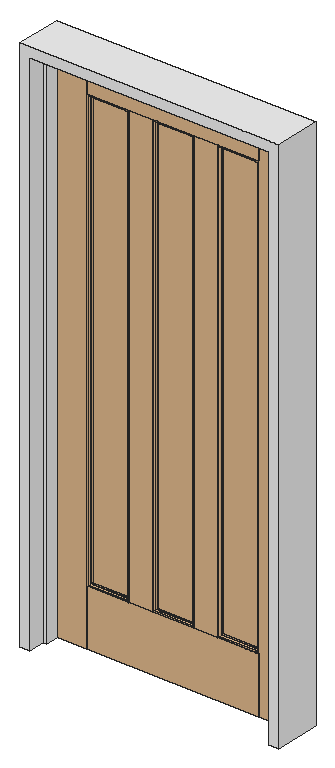
Revit family
Parameters (values of type "1 3/8" Flat Panel")
  URL = "http://www.karonadoor.com"
  Thickness Note = "Do not edit thickness."  # constant formula
  Thickness = 1.334"
  Swing Angle 2D = 90.00°
  SmartBIM Object Version = 1  # constant formula
  SmartBIM Object Created By = "Reed Construction Data"  # constant formula
  Rough Width = 0.000"
  Rough Height = 0.000"
  Panel = Panel_K3030_Karona : 1 3/8" - Flat Panel
  Model = "K3030 Ogee"  # constant formula
  Manufacturer = "Karona , Inc."  # constant formula
  Interior Panel Material = Wood, Cherry - Grain Vertical
  Door Panel Material = Wood, Cherry - Grain Vertical
  Detail Door Thickness = 1.334"
  Assembly Code = ""
  Top Rail Height = 5.000"
  Top Rail = Wood, Cherry - Grain Horizontal
  Stile Width = 5.063"
  Stile = Wood, Cherry - Grain Vertical
  Sticking = Wood, Cherry - Grain Vertical
  Middle Rail = Wood, Cherry - Grain Horizontal
  Height = 80.000"
  Wall Closure = (empty or 0)
  Width = 36.000"
  Frame = Metal
  Bottom Rail Height = 8.500"
  Bottom Rail = Wood, Cherry - Grain Horizontal
  95 CSI = "08210"  # constant formula
  04 CSI = "08 14 33"  # constant formula
Types (9): name | Thickness | Rough Height | Panel | Detail Door Thickness
  1 3/4" Flat Panel | 1.774" | 1.750" | Panel_K3030_Karona : 1 3/4" - Flat Panel | 1.774"
  1 3/8" Flat Panel | 1.334" | 0.000" | Panel_K3030_Karona : 1 3/8" - Flat Panel | 1.334"
  2 1/4" Flat Panel | 2.250" | 0.000" | Panel_K3030_Karona : 2 1/4" - Flat Panel | 2.250"
  1 3/4" Glass Panel | 1.774" | 1.750" | Panel_K3030_Karona : 1 3/4" - Glass Panel | 1.774"
  1 3/8" Glass Panel | 1.334" | 0.000" | Panel_K3030_Karona : 1 3/8" - Glass Panel | 1.334"
  2 1/4" Glass Panel | 2.250" | 0.000" | Panel_K3030_Karona : 2 1/4" - Glass | 2.250"
  1 3/4" Raised Panel | 1.774" | 1.750" | Panel_K3030_Karona : 1 3/4" - Raised Panel | 1.774"
  1 3/8" Raised Panel | 1.334" | 0.000" | Panel_K3030_Karona : 1 3/8" - Raised Panel | 1.334"
  2 1/4" Raised Panel | 2.250" | 0.000" | Panel_K3030_Karona : 2 1/4" - Raised Panel | 2.250"
Reference planes (in)
  plane 1 "Center (Front/Back)": y = 0
  plane 2 "Center (Left/Right)": x = 0
  plane 3 "Left": x = -18
  plane 4 "Right": x = 18
  plane 5 "Top": z = 80
  plane 6 "Exterior Edge of Frame": y = 3.5
  plane 7 "Interior Edge of Frame": y = -3.5
  plane 8: y = 1
  plane 9: y = -1
  plane 10 "Opening Left": x = -19.5
  plane 11 "Opening Right": x = 19.5
  plane 12 "Top of Opening": z = 81.5
  plane 13: x = -17.5
Forms (in)
  Sweep 1, solid, material "Metal" <- "Frame"
    path origin (0, 0, 0) x (1, 0, 0) y (0, 0, 1)
      loop
        line (-19.5, 0) -> (-19.5, 81.5) -> (19.5, 81.5) -> (19.5, 0)
    profile origin (-19.5, 0, 40.75) x (-1, 0, 0) y (0, -1, 0)
      loop
        line (0, -3.5) -> (0, 3.5) -> (-1.5, 3.5) -> (-1.5, 1) -> (-2, 1) -> (-2, -1) -> (-1.5, -1) -> (-1.5, -3.5) -> (0, -3.5)
Lines and regions (in)
  Opening 1
    outline origin (-90, -3, 0) x (1, 0, 0) y (0, 0, 1)
      loop
        line (70.5, 0) -> (109.5, 0) -> (109.5, 81.5) -> (70.5, 81.5) -> (70.5, 0)
  symbolic lines, style "Elevation Swing"
    curve 1: line (18, 3, 0) -> (-18, 3, 40)
    curve 2: line (-18, 3, 40) -> (18, 3, 80)
Text (in)
  text "Exterior" at (-46.13199, 20.20143, 0), in view "Ref. Level"
  text "Interior" at (-46.13199, -10.56751, 0), in view "Ref. Level"
  text "Exterior" at (0, 40.15149, 123.01588), in view "Right"
  text "Interior" at (0, -64.39139, 123.01588), in view "Right"
  text "Interior" at (0, -31.01599, 123.00693), in view "Left"
  text "Exterior" at (0, 54.57065, 123.00693), in view "Left"
Dimensions and locks (in)
  "Height": level to plane 5 "Top"
  "Width": plane 3 "Left" to plane 4 "Right"
  equal spacing: host wall, curve 2, plane 5 "Top"
  locked: host wall to plane 7 "Interior Edge of Frame" at 0.5
  locked: plane 6 "Exterior Edge of Frame" to host wall at 0.5
  locked: plane 9 to plane 7 "Interior Edge of Frame" at 2.5
  locked: plane 6 "Exterior Edge of Frame" to plane 8 at 2.5
  equal spacing: plane 3 "Left", plane 2 "Center (Left/Right)", plane 4 "Right"
  locked: plane 4 "Right" to plane 11 "Opening Right" at 1.5
  locked: plane 5 "Top" to plane 12 "Top of Opening" at 1.5
  locked: plane 3 "Left" to plane 13 at 0.5
  locked: plane 10 "Opening Left" to plane 3 "Left" at 1.5
  aligned and locked: Opening 1 sketch curve to level
  aligned and locked: plane 4 "Right" to curve 1
  aligned and locked: plane 3 "Left" to curve 1
  aligned and locked: plane 5 "Top" to curve 2
  aligned and locked: Opening 1 sketch curve to plane 11 "Opening Right"
  aligned and locked: plane 12 "Top of Opening" to Opening 1 sketch curve
  aligned and locked: Opening 1 sketch curve to plane 10 "Opening Left"
  aligned and locked: plane 10 "Opening Left" to Sweep 1 sketch curve
  aligned and locked: plane 12 "Top of Opening" to Sweep 1 sketch curve
  aligned and locked: plane 11 "Opening Right" to Sweep 1 sketch curve
  aligned and locked: level to Sweep 1 sketch curve  (x2)
  aligned and locked: Sweep 1 sketch curve to plane 10 "Opening Left"
  aligned and locked: Sweep 1 sketch curve to plane 6 "Exterior Edge of Frame"
  aligned and locked: Sweep 1 sketch curve to plane 7 "Interior Edge of Frame"
  aligned and locked: Sweep 1 sketch curve to plane 8
  aligned and locked: Sweep 1 sketch curve to plane 9
  aligned and locked: plane 13 to Sweep 1 sketch curve
  aligned and locked: plane 3 "Left" to Sweep 1 sketch curve  (x2)
  aligned and locked: nested 1 to plane 2 "Center (Left/Right)"
  aligned and locked: nested 1 to plane 8
  aligned and locked: nested 2 to plane 3 "Left"
  aligned and locked: nested 2 to plane 8
Automatic sketch dimensions
  curve 1 to level = 0.000"
  curve 2 to plane 4 "Right" = 0.000"
Nested families (in)
  nested 1: "Panel_K3030_Karona" at (-13.5, 0.5595, 0) x (-1, 0, 0) z (0, 0, 1), type <- "Panel", type "1 3/8" - Flat Panel"
    with Stile Width 5.063", Panel Width 6.208", Half Panel Width 3.104"
  nested 2: "Door Panel Plan View" at (-31.5, 1, 0) x (-1, 0, 0) z (0, 0, 1), type "Door Panel Plan View"
    with Thickness 1.334", Height 80.000"
Definition of nested family "Panel_K3030_Karona"
  Parameters (values of type "1 3/4" - Raised Panel")
    Width = 36.000"
    Top Rail Material = Wood, Cherry - Grain Horizontal
    Top Rail Height = 10.000"
    Thickness Note = "Do not change door thickness"  # constant formula
    Thickness = 1.774"
    Stile Width = 8.000"
    Stile Material = Wood, Cherry - Grain Vertical
    Sticking Material = Wood, Cherry - Grain Vertical
    Panel Width = (Width - (2 * Stile Width) - (2 * Mullion Width)) / 3  # 4.250"
    Panel Height = Height - (Bottom Rail Height + Top Rail Height)  # 60.000"
    Panel = Glass-Sticking-Assembly-Ogee_Karona : Raised Panel
    Mullion Width = 3.625"  # constant formula
    Interior Panel = Wood, Cherry - Grain Vertical
    Height = 80.000"
    Half Panel Width = 0.5 * Panel Width  # 2.125"
    Exterior Edge - Glass Bottom Offset = if(Thickness = 1.774", 0.567", if(Thickness = 2.250", 0.803", 0.469"))  # 0.567"
    Door Panel Material = Wood, Cherry - Grain Vertical
    Default Elevation = 0.000"  # constant formula
    Bottom Rail Material = Wood, Cherry - Grain Horizontal
    Bottom Rail Height = 10.000"
    Assembly Code = ""
  Types (9): name | Top Rail Height | Thickness | Stile Width | Panel Width | Panel Height | Panel | Interior Panel | Half Panel Width | Exterior Edge - Glass Bottom Offset | Bottom Rail Height
    2 1/4" - Flat Panel | 5.000" | 2.250" | 5.250" | 6.08333" | 66.500" | Glass-Sticking-Assembly-Ogee_Karona : Flat Panel | Wood, Cherry - Grain Vertical | 3.04167" | 0.803" | 8.500"
    2 1/4" - Glass | 5.000" | 2.250" | 5.250" | 6.08333" | 66.500" | Glass-Sticking-Assembly-Ogee_Karona : Glass Panel | Glass | 3.04167" | 0.803" | 8.500"
    2 1/4" - Raised Panel | 5.000" | 2.250" | 5.250" | 6.08333" | 66.500" | Glass-Sticking-Assembly-Ogee_Karona : Raised Panel | Wood, Cherry - Grain Vertical | 3.04167" | 0.803" | 8.500"
    1 3/4" - Raised Panel | 10.000" | 1.774" | 8.000" | 4.250" | 60.000" | Glass-Sticking-Assembly-Ogee_Karona : Raised Panel | Wood, Cherry - Grain Vertical | 2.125" | 0.567" | 10.000"
    1 3/4" - Flat Panel | 5.000" | 1.774" | 5.250" | 6.08333" | 66.500" | Glass-Sticking-Assembly-Ogee_Karona : Flat Panel | Wood, Cherry - Grain Vertical | 3.04167" | 0.567" | 8.500"
    1 3/4" - Glass Panel | 5.000" | 1.774" | 5.250" | 6.08333" | 66.500" | Glass-Sticking-Assembly-Ogee_Karona : Glass Panel | Glass | 3.04167" | 0.567" | 8.500"
    1 3/8" - Raised Panel | 5.000" | 1.334" | 5.250" | 6.08333" | 66.500" | Glass-Sticking-Assembly-Ogee_Karona : Raised Panel | Wood, Cherry - Grain Vertical | 3.04167" | 0.469" | 8.500"
    1 3/8" - Glass Panel | 5.000" | 1.334" | 5.250" | 6.08333" | 66.500" | Glass-Sticking-Assembly-Ogee_Karona : Glass Panel | Glass | 3.04167" | 0.469" | 8.500"
    1 3/8" - Flat Panel | 5.000" | 1.334" | 5.250" | 6.08333" | 66.500" | Glass-Sticking-Assembly-Ogee_Karona : Flat Panel | Wood, Cherry - Grain Horizontal | 3.04167" | 0.469" | 8.500"
  Reference planes (in)
    plane 1 "Center (Front/Back)": y = 1.2295
    plane 2: z = 0
    plane 3 "Center (Left/Right)": x = -13.5
    plane 4 "Left": x = -31.5
    plane 5: x = 4.5
    plane 6 "Inner Left": x = -23.5
    plane 7 "Inner Right": x = -3.5
    plane 8: z = 10
    plane 9 "Bottom Of Top Rail": z = 70
    plane 10 "Top": z = 80
    plane 11 "Interior Edge of Door": y = 2.1165
    plane 12: z = 70
    plane 13 "Exterior Edge of Door": y = 0.3425
    plane 14 "Bottom of Glass": y = 0.9095
    plane 15 "Left Panel Vertical Midline": x = -21.375
    plane 16 "Right Panel Vertical Midline": x = -5.625
    plane 17 "Center of Left Vertical Mullion": x = -17.4375
    plane 18 "Center of Right Vertical Mullion": x = -9.5625
    plane 19: z = 40
  Forms (in)
    Extrusion 1, solid, material "Wood, Cherry - Grain Horizontal" <- "Bottom Rail Material"
      sketch origin (0, -101.3125, 0) x (1, 0, 0) y (0, 0, 1)
        loop
          line (-23.5, 0) -> (-3.5, 0) -> (-3.5, 10) -> (-23.5, 10) -> (-23.5, 0)
      from -103.429 to -101.655
    Extrusion 2, solid, material "Wood, Cherry - Grain Vertical" <- "Stile Material"
      sketch origin (0, 1.2295, 0) x (1, 0, 0) y (0, 0, 1)
        loop
          line (-31.5, 80) -> (-31.5, 0) -> (-23.5, 0) -> (-23.5, 80) -> (-31.5, 80)
        loop
          line (-3.5, 0) -> (4.5, 0) -> (4.5, 80) -> (-3.5, 80) -> (-3.5, 0)
      from -0.887 to 0.887
    Extrusion 3, solid, material "Wood, Cherry - Grain Horizontal" <- "Top Rail Material"
      sketch origin (0, 1.2295, 0) x (1, 0, 0) y (0, 0, 1)
        loop
          line (-23.5, 80) -> (-23.5, 70) -> (-3.5, 70) -> (-3.5, 80) -> (-23.5, 80)
      from -0.887 to 0.887
    Extrusion 4, solid, material "Wood, Cherry - Grain Vertical" <- "Stile Material"
      sketch origin (0, 1.2295, 0) x (1, 0, 0) y (0, 0, 1)
        loop
          line (-19.25, 10) -> (-15.625, 10) -> (-15.625, 70) -> (-19.25, 70) -> (-19.25, 10)
        loop
          line (-11.375, 10) -> (-7.75, 10) -> (-7.75, 70) -> (-11.375, 70) -> (-11.375, 10)
      from -0.887 to 0.887
  Text (in)
    text "EXTERIOR" at (-34.59289, -1.27941, 0), in view "Ref. Level"
    text "EXTERIOR" at (0, -9.65287, 72.76687), in view "Left"
    text "EXTERIOR" at (0, -33.33473, 96.68074), in view "Right"
  Dimensions and locks (in)
    equal spacing: plane 4 "Left", plane 3 "Center (Left/Right)", plane 5
    "Width": plane 4 "Left" to plane 5
    "Stile Width": plane 4 "Left" to plane 6 "Inner Left"
    "Stile Width": plane 5 to plane 7 "Inner Right"
    "Bottom Rail Height": plane 8 to plane 2
    "Top Rail Height": plane 10 "Top" to plane 9 "Bottom Of Top Rail"
    "Height": plane 10 "Top" to plane 2
    equal spacing: plane 11 "Interior Edge of Door", plane 1 "Center (Front/Back)", plane 13 "Exterior Edge of Door"
    "Thickness": plane 11 "Interior Edge of Door" to plane 13 "Exterior Edge of Door"
    "Exterior Edge - Glass Bottom Offset": plane 14 "Bottom of Glass" to plane 13 "Exterior Edge of Door"
    "Exterior Edge - Glass Bottom Offset": plane 13 "Exterior Edge of Door" to plane 14 "Bottom of Glass"
    "Half Panel Width": plane 15 "Left Panel Vertical Midline" to plane 6 "Inner Left"
    "Half Panel Width": plane 7 "Inner Right" to plane 16 "Right Panel Vertical Midline"
    equal spacing: plane 3 "Center (Left/Right)", plane 17 "Center of Left Vertical Mullion", plane 15 "Left Panel Vertical Midline"
    equal spacing: Extrusion 4 sketch curve, plane 17 "Center of Left Vertical Mullion", Extrusion 4 sketch curve
    locked: Extrusion 4 sketch curve to Extrusion 4 sketch curve at 3.625  (x2)
    equal spacing: plane 16 "Right Panel Vertical Midline", plane 18 "Center of Right Vertical Mullion", plane 3 "Center (Left/Right)"
    equal spacing: Extrusion 4 sketch curve, plane 18 "Center of Right Vertical Mullion", Extrusion 4 sketch curve
    equal spacing: plane 12, plane 19, plane 8
    aligned and locked: Extrusion 1 to plane 2
    aligned and locked: plane 11 "Interior Edge of Door" to Extrusion 1
    aligned and locked: plane 4 "Left" to Extrusion 2 sketch curve
    aligned and locked: Extrusion 2 sketch curve to plane 10 "Top"
    aligned and locked: Extrusion 2 sketch curve to Extrusion 1  (x3)
    aligned and locked: Extrusion 1 to Extrusion 2 sketch curve
    aligned and locked: plane 10 "Top" to Extrusion 2 sketch curve
    aligned and locked: plane 5 to Extrusion 2 sketch curve
    aligned and locked: plane 11 "Interior Edge of Door" to Extrusion 2
    aligned and locked: Extrusion 2 to Extrusion 3 sketch curve
    aligned and locked: Extrusion 3 sketch curve to Extrusion 2
    aligned and locked: plane 11 "Interior Edge of Door" to Extrusion 3
    aligned and locked: plane 12 to plane 9 "Bottom Of Top Rail"
    aligned and locked: level to plane 2
    aligned and locked: Extrusion 3 to plane 13 "Exterior Edge of Door"
    aligned and locked: Extrusion 3 to plane 11 "Interior Edge of Door"
    aligned and locked: Extrusion 2 to plane 13 "Exterior Edge of Door"
    aligned and locked: Extrusion 3 to plane 12
    aligned and locked: Extrusion 1 to Extrusion 2
    aligned and locked: nested 1 to plane 1 "Center (Front/Back)"
    aligned and locked: plane 3 "Center (Left/Right)" to nested 3
    aligned and locked: nested 3 to plane 1 "Center (Front/Back)"
    aligned and locked: nested 2 to plane 1 "Center (Front/Back)"
    aligned and locked: nested 2 to plane 16 "Right Panel Vertical Midline"
    aligned and locked: Extrusion 4 sketch curve to plane 12  (x2)
    aligned and locked: Extrusion 4 sketch curve to plane 8  (x2)
    aligned and locked: plane 11 "Interior Edge of Door" to Extrusion 4
    aligned and locked: Extrusion 4 to plane 13 "Exterior Edge of Door"
    aligned and locked: plane 15 "Left Panel Vertical Midline" to nested 1
    aligned and locked: plane 19 to nested 1
    aligned and locked: plane 19 to nested 3
    aligned and locked: plane 19 to nested 2
  Automatic sketch dimensions
    Extrusion 1 sketch curve to plane 6 "Inner Left" = 0.000"
    Extrusion 1 sketch curve to plane 7 "Inner Right" = 0.000"
    Extrusion 1 sketch curve to level = 0.000"
    Extrusion 1 sketch curve to plane 8 = 0.000"
    Extrusion 3 sketch curve to plane 7 "Inner Right" = 0.000"
    plane 9 "Bottom Of Top Rail" to Extrusion 3 sketch curve = 0.000"
  Nested families (in)
    nested 1: "Glass-Sticking-Assembly-Ogee_Karona" at (-21.84375, 1.38, 10), Width <- "Panel Width", Height <- "Panel Height", type <- "Panel", type "Raised Panel"
      with Width 4.250", Height 60.000", Door Thickness 1.774", C 0.131", B 0.567", A 0.128"
    nested 2: "Glass-Sticking-Assembly-Ogee_Karona" at (-6.09375, 1.38, 10), Width <- "Panel Width", Height <- "Panel Height", type <- "Panel", type "Raised Panel"
      with Width 4.250", Height 60.000", Door Thickness 1.774", C 0.131", B 0.567", A 0.128"
    nested 3: "Glass-Sticking-Assembly-Ogee_Karona" at (-13.96875, 1.38, 10), Width <- "Panel Width", Height <- "Panel Height", type <- "Panel", type "Raised Panel"
      with Width 4.250", Height 60.000", Door Thickness 1.774", C 0.131", B 0.567", A 0.128"
  Definition of nested family "Glass-Sticking-Assembly-Ogee_Karona"
    Parameters (values of type "Glass Panel")
      Width [instance] = 5.000"
      Vertical Profile Offset = if(Glass Panel, 0.490", 0.100")  # 0.490"
      Stop Adjustment = if(and(not(Glass Panel), Door Thickness = 1.774"), 0.513", if(and(not(Glass Panel), Door Thickness = 2.250"), 0.513", if((Glass Panel), 0.125", 0.273")))  # 0.125"
      Profile = Wood, Cherry - Grain Vertical
      Height [instance] = 23.000"
      Raised Panel = no
      Interior Panel = Glass
      Glass Panel = yes
      Door Thickness = 1.334"
      C = if(Door Thickness = 1.774", 0.131", if(Door Thickness = 2.250", 0.370", 0.093"))  # 0.093"
      B = if(Door Thickness = 1.774", 0.567", if(Door Thickness = 2.250", 0.803", 0.469"))  # 0.469"
      Assembly Code = ""
      A = if(Door Thickness = 1.774", 0.128", if(Door Thickness = 2.250", 0.364", 0.095"))  # 0.095"
    Types (3): name | Width | Vertical Profile Offset | Stop Adjustment | Raised Panel | Interior Panel | Glass Panel | Door Thickness | C | B | A
      Glass Panel | 5.000" | 0.490" | 0.125" | no | Glass | yes | 1.334" | 0.093" | 0.469" | 0.095"
      Flat Panel | 4.500" | 0.100" | 0.513" | no | Wood, Cherry - Grain Vertical | no | 2.250" | 0.370" | 0.803" | 0.364"
      Raised Panel | 4.000" | 0.100" | 0.513" | yes | Wood, Cherry - Grain Vertical | no | 2.250" | 0.370" | 0.803" | 0.364"
    Reference planes (in)
      plane 1 "Stop Adjustment Edge": y = -0.3455
      plane 2: z = 0
      plane 3 "Center (Left/Right)": x = 0.46875
      plane 4 "Back": y = 0.3945
      plane 5 "Front": y = -0.9395
      plane 6 "Left": x = -2.03125
      plane 7 "Right": x = 2.96875
      plane 8 "Top": z = 23
      plane 9 "Center (Up/Down)": z = 11.5
      plane 10 "Bottom of Stop": y = -0.2205
      plane 11 "Bottom of Glass": y = -0.4705
      plane 12 "Right Edge of Glass": x = 2.91875
      plane 13 "Left Edge of Glass": x = -1.98125
      plane 14 "Top Edge of Glass": z = 22.90625
      plane 15 "Bottom Edge of Glass": z = 0.09375
      plane 16: x = 2.84375
      plane 17 "A": y = -0.8445
      plane 18 "C": y = 0.3015
      plane 19 "Bottom Cut Line": z = 0.438
      plane 20 "Top Cut Line": z = 22.562
      plane 21 "Cut Vertical Left": x = -1.59325
      plane 22 "Cut Vertical": x = 2.53075
      plane 23 "Center (Front/Back)": y = -0.2725
    Forms (in)
      Sweep 1, solid, material "Wood, Cherry - Grain Vertical" <- "Profile"
        path origin (0, -0.3455, 0) x (1, 0, 0) y (0, 0, 1)
          loop
            line (2.96875, 23) -> (-2.03125, 23) -> (-2.03125, 0) -> (2.96875, 0) -> (2.96875, 23)
        profile origin (2.96875, -0.3455, 11.5) x (0, -1, 0) y (1, 0, 0)
          loop
            line (-0.647, 0) -> (-0.647, -0.438) -> (-0.125, -0.438) -> (-0.125, -0.05) -> (0.125, -0.05) -> (0.125, -0.438) -> (0.499, -0.438) -> (0.499, 0) -> (-0.647, 0)
      Extrusion 2, solid, material "Glass" <- "Interior Panel"
        sketch origin (0, 0, 0) x (1, 0, 0) y (0, 1, 0)
          loop
            line (-1.98125, -0.2205) -> (-1.98125, -0.4705) -> (2.91875, -0.4705) -> (2.91875, -0.2205) -> (-1.98125, -0.2205)
        from 0.09375 to 22.90625
      Extrusion 3, solid, material "Wood, Cherry - Grain Vertical" <- "Profile", visible <- "Raised Panel"
        sketch origin (0, 0, 0) x (1, 0, 0) y (0, 1, 0)
          loop
            line (2.53075, 0.3015) -> (-1.59325, 0.3015) -> (-1.59325, -0.2205) -> (2.53075, -0.2205) -> (2.53075, 0.3015)
          loop
            line (-1.59325, -0.4705) -> (-1.59325, -0.8445) -> (2.53075, -0.8445) -> (2.53075, -0.4705) -> (-1.59325, -0.4705)
        from 0.438 to 22.562
      Sweep 4, void
        path origin (0, -0.2205, 0) x (-1, 0, 0) y (0, 0, 1)
          loop
            line (2.03125, 0) -> (2.03125, 23) -> (-2.96875, 23) -> (-2.96875, 0) -> (2.03125, 0)
        profile "Profile : 05" origin (-2.03125, -0.2205, 11.5) x (1, 0, 0) y (0, 1, 0)
          loop
            line (0, 0.49) -> (0.36169, 0.49096)
            arc (0.36169, 0.49096) -> (1.01257, 0.57642) -> (1.61934, 0.827) r 2.52143
            line (1.61934, 0.827) -> (0, 0.827) -> (0, 0.49)
      Sweep 5, void
        path origin (0, -0.4705, 0) x (-1, 0, 0) y (0, 0, 1)
          loop
            line (-2.96875, 23) -> (-2.96875, 0) -> (2.03125, 0) -> (2.03125, 23) -> (-2.96875, 23)
        profile "Profile : 05" origin (2.96875, -0.4705, 11.5) x (-1, 0, 0) y (0, 1, 0)
          loop
            line (0, -0.102) -> (0, -0.439) -> (1.61934, -0.439)
            arc (1.61934, -0.439) -> (1.01257, -0.18842) -> (0.36169, -0.10296) r 2.52143
            line (0.36169, -0.10296) -> (0, -0.102)
      Sweep 6, void
        path origin (0, 0.3015, 0) x (1, 0, 0) y (0, 0, 1)
          loop
            line (-1.59325, 0.438) -> (2.53075, 0.438) -> (2.53075, 22.562) -> (-1.59325, 22.562) -> (-1.59325, 0.438)
        profile "QuarterCircleCut : QuarterCircleCut" origin (2.53075, 0.3015, 11.5) x (-1, 0, 0) y (0, -1, 0)
          loop
            arc (0.3196, 0) -> (0.182, 0.057) -> (0.125, 0.1946) r 0.1946
            line (0.125, 0.1946) -> (0.125, 0.27745) -> (0, 0.27745) -> (0, 0) -> (0.3196, 0)
      Sweep 7, void
        path origin (0, -0.8445, 0) x (1, 0, 0) y (0, 0, 1)
          loop
            line (-1.59325, 0.438) -> (2.53075, 0.438) -> (2.53075, 22.562) -> (-1.59325, 22.562) -> (-1.59325, 0.438)
        profile "QuarterCircleCut : QuarterCircleCut" origin (2.53075, -0.8445, 11.5) x (-1, 0, 0) y (0, -1, 0)
          loop
            line (0.3196, 0) -> (0, 0) -> (0, -0.27745) -> (0.125, -0.27745) -> (0.125, -0.1946)
            arc (0.125, -0.1946) -> (0.182, -0.057) -> (0.3196, 0) r 0.1946
    Cuts and joins
      Sweep 4, Sweep 5, Sweep 7 cuts Extrusion 3
      Sweep 6, Sweep 7 cuts Sweep 1
    Text (in)
      text "INTERIOR" at (-14.3788, 3.49864, 0), in view "Ref. Level"
    Dimensions and locks (in)
      equal spacing: plane 6 "Left", plane 3 "Center (Left/Right)", plane 7 "Right"
      "Width": plane 6 "Left" to plane 7 "Right"
      "Door Thickness": plane 4 "Back" to plane 5 "Front"
      "Height": plane 8 "Top" to plane 2
      equal spacing: plane 8 "Top", plane 9 "Center (Up/Down)", level
      locked: plane 1 "Stop Adjustment Edge" to plane 11 "Bottom of Glass" at 0.125
      "Stop Adjustment": plane 10 "Bottom of Stop" to plane 1 "Stop Adjustment Edge"
      locked: plane 12 "Right Edge of Glass" to plane 7 "Right" at 0.05
      locked: plane 8 "Top" to plane 14 "Top Edge of Glass" at 0.09375
      locked: plane 15 "Bottom Edge of Glass" to level at 0.09375
      locked: plane 6 "Left" to plane 13 "Left Edge of Glass" at 0.05
      "B": plane 5 "Front" to plane 11 "Bottom of Glass"
      locked: plane 16 to plane 7 "Right" at 0.125
      "A": plane 5 "Front" to plane 17 "A"
      "C": plane 18 "C" to plane 4 "Back"
      plane 4 "Back" to Sweep 1 = 0.615"
      locked: plane 19 "Bottom Cut Line" to level at 0.438
      locked: plane 8 "Top" to plane 20 "Top Cut Line" at 0.438
      locked: plane 6 "Left" to plane 21 "Cut Vertical Left" at 0.438
      locked: plane 22 "Cut Vertical" to plane 7 "Right" at 0.438
      equal spacing: plane 4 "Back", plane 23 "Center (Front/Back)", plane 5 "Front"
      aligned and locked: Sweep 1 sketch curve to plane 7 "Right"
      aligned and locked: Sweep 1 sketch curve to plane 8 "Top"
      aligned and locked: Sweep 1 sketch curve to plane 6 "Left"
      aligned and locked: Sweep 1 sketch curve to level
      aligned and locked: plane 10 "Bottom of Stop" to Sweep 1 sketch curve
      aligned and locked: plane 11 "Bottom of Glass" to Sweep 1 sketch curve
      aligned and locked: Extrusion 2 sketch curve to plane 13 "Left Edge of Glass"
      aligned and locked: Extrusion 2 sketch curve to plane 10 "Bottom of Stop"
      aligned and locked: Extrusion 2 sketch curve to plane 11 "Bottom of Glass"
      aligned and locked: Extrusion 2 sketch curve to plane 12 "Right Edge of Glass"
      aligned and locked: plane 14 "Top Edge of Glass" to Extrusion 2
      aligned and locked: Extrusion 2 to plane 15 "Bottom Edge of Glass"
      aligned and locked: Extrusion 3 sketch curve to plane 18 "C"
      aligned and locked: Extrusion 3 sketch curve to plane 10 "Bottom of Stop"
      aligned and locked: Extrusion 3 sketch curve to plane 11 "Bottom of Glass"
      aligned and locked: Extrusion 3 sketch curve to plane 17 "A"
      aligned and locked: Extrusion 3 to plane 19 "Bottom Cut Line"
      aligned and locked: Extrusion 3 to plane 20 "Top Cut Line"
      aligned and locked: plane 12 "Right Edge of Glass" to Sweep 1 sketch curve
      aligned and locked: plane 22 "Cut Vertical" to Extrusion 3 sketch curve  (x2)
      aligned and locked: Extrusion 3 sketch curve to plane 21 "Cut Vertical Left"  (x2)
      aligned and locked: plane 22 "Cut Vertical" to Sweep 1 sketch curve
      aligned and locked: Sweep 5 sketch curve to plane 6 "Left"
      aligned and locked: plane 8 "Top" to Sweep 5 sketch curve
      aligned and locked: Sweep 5 sketch curve to plane 7 "Right"
      aligned and locked: level to Sweep 5 sketch curve
      aligned and locked: Sweep 4 sketch curve to plane 7 "Right"
      aligned and locked: plane 8 "Top" to Sweep 4 sketch curve
      aligned and locked: Sweep 4 sketch curve to plane 6 "Left"
      aligned and locked: level to Sweep 4 sketch curve
      aligned and locked: plane 18 "C" to Sweep 1 sketch curve
      aligned and locked: Sweep 6 sketch curve to plane 21 "Cut Vertical Left"
      aligned and locked: plane 22 "Cut Vertical" to Sweep 6 sketch curve
      aligned and locked: Sweep 6 sketch curve to plane 19 "Bottom Cut Line"
      aligned and locked: plane 20 "Top Cut Line" to Sweep 6 sketch curve
      aligned and locked: Sweep 1 sketch curve to plane 22 "Cut Vertical"
      aligned and locked: plane 17 "A" to Sweep 1 sketch curve
      aligned and locked: Sweep 7 sketch curve to plane 21 "Cut Vertical Left"
      aligned and locked: plane 20 "Top Cut Line" to Sweep 7 sketch curve
      aligned and locked: plane 22 "Cut Vertical" to Sweep 7 sketch curve
      aligned and locked: Sweep 7 sketch curve to plane 19 "Bottom Cut Line"
    Automatic sketch dimensions
      Sweep 1 sketch curve to profile plane = 0.000"
Definition of nested family "Door Panel Plan View"
  Parameters (values of type "Door Panel Plan View")
    Width = 36.000"
    Thickness = 2.000"
    Swing Angle 2D = 90.00°
    Height = 0.000"
    Assembly Code = ""
  Reference planes (in)
    plane 1 "Center (Front/Back)": y = 0
    plane 2: z = 0
    plane 3 "Center (Left/Right)": x = -13.5
  Lines and regions (in)
    symbolic lines, style "DoorsPanelProjection"
      curve 1: line (-13.5, 0, 0) -> (-13.5, 36, 0)
      curve 2: line (-15.5, 0, 0) -> (-15.5, 36, 0)
      curve 3: line (-13.5, 0, 0) -> (-15.5, 0, 0)
      curve 4: line (-13.5, 36, 0) -> (-15.5, 36, 0)
    symbolic lines, style "Plan Swing"
      curve 5: arc (-13.5, 36, 0) -> (-38.95584, 25.45584, 0) -> (-49.5, 0, 0) r 36
  Dimensions and locks (in)
    "Width": curve 4 to curve 3
    "Thickness": curve 1 to curve 2
    "Swing Angle 2D": angle curve 1 to plane 1 "Center (Front/Back)"
    aligned and locked: plane 1 "Center (Front/Back)" to curve 5
  Automatic sketch dimensions
    curve 3 to plane 1 "Center (Front/Back)" = 0.000"
    curve 5 to plane 3 "Center (Left/Right)" = 0.000"
    curve 3 to plane 3 "Center (Left/Right)" = 0.000"
